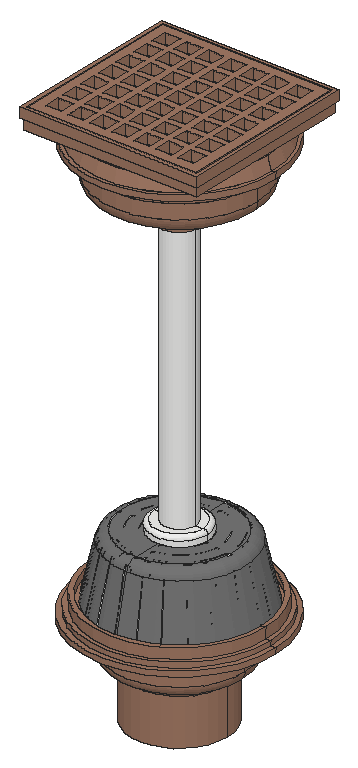
Revit family "Roof_Drain-Jay R. Smith-Round_Type-1920_Series", category Plumbing Fixtures, Revit 2021
Family settings
  Round Connector Dimension = Use Diameter
  Part Type = Normal
  OmniClass Number = 23.70.50.21.24.11
  OmniClass Title = Roof Waste Water Drains
  Work Plane-Based = Yes
  Always vertical = Yes
  Cut with Voids When Loaded = No
  Shared = No
  Room Calculation Point = No
Parameters (values of type "1920T06")
  Waste Connection = yes
  Vent Connection = no
  Upper Drain As Specified = no
  URL = "http://www.jrsmith.com"
  U - Vandal Proof Dome = no
  T - Threaded Outlet = yes
  Standpipe Material = PVC-Jay R Smith-Perforated
  Stainless Steel Mesh Screen Over Perforated Standpipe = no
  SSP4 - 4" Dia. Stainless Steel Standpipe = no
  SSP - Stainless Steel Standpipe = no
  R - Sump Receiver = no
  PB - Polished Bronze Top = no
  NB - Nickel Bronze Top = no
  Model = "1920T06"
  Mesh Material = Stainless Steel-Jay R Smith-Mesh
  Material = "Cast Iron-Jay R Smith-Duco Coated"
  Manufacturer = "Jay R. Smith Mfg. Co. "  # constant formula
  M - Ductile Iron Grate = no
  LXH - Speedi-Set Extra Heavy - 02"(50), 03"(75) & 04"(100) sizes only = no
  L - Speedi-Set Service Weight - 02"(50), 03"(75) & 04"(100) sizes only = no
  Installation Type = "Roof Mounted"  # constant formula
  HW Connection = no
  G - Galvanized Cast Iron = no
  Finish = Cast Iron-Jay R Smith-Duco Coated
  Dome Height = 4 1/2"  # constant formula
  Diameter = 12"  # constant formula
  Description = "Plaza and Planter Drain"  # constant formula
  Default Elevation = 0"  # constant formula
  Creation Date = "03/20/2024"  # constant formula
  Connection Size = 6"
  Connection Radius = Connection Size / 2  # 3"
  Connection Outlet Description = "6\" Threaded Outlet Connection"
  CW Connection = no
  C2 - Secondary Flashing Clamp = no
  C - Underdeck Clamp = no
  B Dimension = 4 3/4"
  Assembly Code = "D2040200"
Types (15): name | T - Threaded Outlet | Model | Connection Size | Connection Radius | Connection Outlet Description | B Dimension
  1920Y02 | no | "1920Y02" | 2" | 1" | "2\" No-HUB Outlet Connection" | 6"
  1920Y03 | no | "1920Y03" | 3" | 1 1/2" | "3\" No-HUB Outlet Connection" | 6"
  1920Y04 | no | "1920Y04" | 4" | 2" | "4\" No-HUB Outlet Connection" | 6"
  1920Y05 | no | "1920Y05" | 5" | 2 1/2" | "5\" No-HUB Outlet Connection" | 6"
  1920Y06 | no | "1920Y06" | 6" | 3" | "6\" No-HUB Outlet Connection" | 6"
  1920C02 | no | "1920C02" | 2" | 1" | "2\" Caulk Outlet Connection" | 6"
  1920C03 | no | "1920C03" | 3" | 1 1/2" | "3\" Caulk Outlet Connection" | 6"
  1920C04 | no | "1920C04" | 4" | 2" | "4\" Caulk Outlet Connection" | 6"
  1920C05 | no | "1920C05" | 5" | 2 1/2" | "5\" Caulk Outlet Connection" | 6"
  1920C06 | no | "1920C06" | 6" | 3" | "6\" Caulk Outlet Connection" | 6"
  1920T02 | yes | "1920T02" | 2" | 1" | "2\" Threaded Outlet Connection" | 4 3/4"
  1920T03 | yes | "1920T03" | 3" | 1 1/2" | "3\" Threaded Outlet Connection" | 4 3/4"
  1920T04 | yes | "1920T04" | 4" | 2" | "4\" Threaded Outlet Connection" | 4 3/4"
  1920T05 | yes | "1920T05" | 5" | 2 1/2" | "5\" Threaded Outlet Connection" | 4 3/4"
  1920T06 | yes | "1920T06" | 6" | 3" | "6\" Threaded Outlet Connection" | 4 3/4"
Reference planes (in)
  plane 1: z = 0
  plane 2: y = 0
  plane 3: x = 0
  plane 4: z = 4.5
  plane 5: z = -6
  plane 6: z = 28.5
  plane 7: z = 21.75
  plane 8: x = -6
  plane 9: x = 6
  plane 10: x = -4.875
  plane 11: x = 4.875
  plane 12: z = 26.5
  plane 13: x = -5.5
  plane 14: x = 5.5
  plane 15: y = 5.5
  plane 16: y = -5.5
  plane 17: x = -5.25
  plane 18: x = 5.25
  plane 19: y = 5.25
  plane 20: y = -5.25
Forms (in)
  Revolve 1, solid, material "Cast Iron-Jay R Smith-Duco Coated" <- "Finish"
    sketch origin (-0.00719, 0, -13.75143) x (1, 0, 0) y (0, 0, 1)
      loop
        arc (2.87012, 10.64075) -> (3.04919, 10.71492) -> (3.12336, 10.89399) r 0.25324
        line (3.12336, 10.89399) -> (3.12336, 10.9462)
        arc (3.12336, 10.9462) -> (3.16789, 11.05371) -> (3.27541, 11.09825) r 0.15205
        line (3.27541, 11.09825) -> (3.31676, 11.09825)
        arc (3.31676, 11.09825) -> (3.85258, 11.25183) -> (4.08523, 11.75836) r 0.66775
        line (4.08523, 11.75836) -> (4.08523, 12.76636) -> (6.00719, 13.42193) -> (6.00719, 13.75143) -> (5.69577, 13.75143) -> (5.69577, 14.05626) -> (5.41344, 14.05626) -> (5.41344, 14.71046) -> (5.13283, 14.71046) -> (5.13283, 14.33802) -> (4.67695, 14.33802) -> (4.67695, 13.75143) -> (0.00719, 13.75143) -> (0.00719, 10.64075) -> (2.87012, 10.64075)
      axis (0, 10.64075) -> (0, 14.71046)
    angle from 0 to 360
  Revolve 2, solid, material "Cast Iron-Jay R Smith-Duco Coated" <- "Finish"
    sketch origin (-8.0697, 0, 0) x (-1, 0, 0) y (0, 0, -1)
      loop
        line (-8.0697, 6) -> (-11.0697, 6) -> (-11.0697, 0) -> (-8.0697, 0) -> (-8.0697, 6)
      axis (-8.0697, 0) -> (-8.0697, 6)
    angle from 0 to 360
  Revolve 3, solid, material "PVC-Jay R Smith-Perforated" <- "Standpipe Material"
    sketch origin (-8.86669, 0, 0) x (1, 0, 0) y (0, 0, 1)
      loop
        line (8.11669, 4.5) -> (8.11669, 21.75) -> (7.86669, 21.75) -> (7.86669, 5.08347) -> (7.36669, 5.08347)
        arc (7.36669, 5.08347) -> (7.18992, 5.01025) -> (7.11669, 4.83347) r 0.25
        line (7.11669, 4.83347) -> (7.11669, 4.5) -> (8.11669, 4.5)
      axis (8.86669, 21.75) -> (8.86669, 4.5)
    angle from 0 to 360
  Revolve 4, solid, material "Cast Iron-Jay R Smith-Duco Coated" <- "Finish"
    sketch origin (-14.33403, 0, 0) x (1, 0, 0) y (0, 0, 1)
      loop
        line (19.83403, 27.25) -> (19.58403, 27.25) -> (19.58403, 26.5) -> (14.33403, 26.5) -> (14.33403, 23.25) -> (17.83403, 23.25)
        arc (17.83403, 23.25) -> (18.08403, 23.35355) -> (18.18758, 23.60355) r 0.35355
        arc (18.18758, 23.60355) -> (18.89892, 23.80033) -> (19.20903, 24.47007) r 0.87827
        line (19.20903, 24.47007) -> (19.20903, 25.36997)
        arc (19.20903, 25.36997) -> (19.29945, 25.65676) -> (19.53802, 25.83981) r 0.5
        line (19.53802, 25.83981) -> (20.33403, 26.12954) -> (20.33403, 26.5) -> (20.10701, 26.5) -> (19.83403, 27.25)
      axis (14.33403, 27.25) -> (14.33403, 23.25)
    angle from 0 to 360
  Revolve 5, solid, material "Cast Iron-Jay R Smith-Duco Coated" <- "Finish"
    sketch origin (-14.33403, 0, 0) x (1, 0, 0) y (0, 0, 1)
      loop
        line (14.33403, 26.5) -> (13.08403, 26.5) -> (13.08403, 21.75) -> (14.33403, 21.75) -> (14.33403, 26.5)
      axis (14.33403, 26.5) -> (14.33403, 21.75)
    angle from 0 to 360
  Sweep 6, solid, material "Cast Iron-Jay R Smith-Duco Coated" <- "Finish"
    path origin (0, 0, 0) x (1, 0, 0) y (0, 1, 0)
      loop
        line (-5.5, -5.5) -> (5.5, -5.5) -> (5.5, 5.5) -> (-5.5, 5.5) -> (-5.5, -5.5)
    profile origin (-5.5, 0, 0) x (-1, 0, 0) y (0, 0, 1)
      loop
        line (0, 28.5) -> (-0.25, 28.5) -> (-0.25, 27.875) -> (-2.5, 27.875) -> (-2.5, 27.25) -> (-0.125, 27.25) -> (-0.125, 27.875) -> (0, 27.875) -> (0, 28.5)
  Extrusion 7, solid, material "Cast Iron-Jay R Smith-Duco Coated" <- "Finish"
    sketch origin (0, 0, 0) x (1, 0, 0) y (0, 1, 0)
      loop
        line (-5.25, 5.25) -> (-5.25, -5.25) -> (5.25, -5.25) -> (5.25, 5.25) -> (-5.25, 5.25)
      loop
        line (-4.625, 4.625) -> (-4.625, 3.625) -> (-3.625, 3.625) -> (-3.625, 4.625) -> (-4.625, 4.625)
      loop
        line (-3.25, 4.625) -> (-3.25, 3.625) -> (-2.25, 3.625) -> (-2.25, 4.625) -> (-3.25, 4.625)
      loop
        line (-1.875, 4.625) -> (-1.875, 3.625) -> (-0.875, 3.625) -> (-0.875, 4.625) -> (-1.875, 4.625)
      loop
        line (-0.5, 4.625) -> (-0.5, 3.625) -> (0.5, 3.625) -> (0.5, 4.625) -> (-0.5, 4.625)
      loop
        line (0.875, 4.625) -> (0.875, 3.625) -> (1.875, 3.625) -> (1.875, 4.625) -> (0.875, 4.625)
      loop
        line (2.25, 4.625) -> (2.25, 3.625) -> (3.25, 3.625) -> (3.25, 4.625) -> (2.25, 4.625)
      loop
        line (3.625, 4.625) -> (3.625, 3.625) -> (4.625, 3.625) -> (4.625, 4.625) -> (3.625, 4.625)
      loop
        line (-4.625, 3.25) -> (-4.625, 2.25) -> (-3.625, 2.25) -> (-3.625, 3.25) -> (-4.625, 3.25)
      loop
        line (-3.25, 3.25) -> (-3.25, 2.25) -> (-2.25, 2.25) -> (-2.25, 3.25) -> (-3.25, 3.25)
      loop
        line (-1.875, 3.25) -> (-1.875, 2.25) -> (-0.875, 2.25) -> (-0.875, 3.25) -> (-1.875, 3.25)
      loop
        line (-0.5, 3.25) -> (-0.5, 2.25) -> (0.5, 2.25) -> (0.5, 3.25) -> (-0.5, 3.25)
      loop
        line (0.875, 3.25) -> (0.875, 2.25) -> (1.875, 2.25) -> (1.875, 3.25) -> (0.875, 3.25)
      loop
        line (2.25, 3.25) -> (2.25, 2.25) -> (3.25, 2.25) -> (3.25, 3.25) -> (2.25, 3.25)
      loop
        line (3.625, 3.25) -> (3.625, 2.25) -> (4.625, 2.25) -> (4.625, 3.25) -> (3.625, 3.25)
      loop
        line (-4.625, 1.875) -> (-4.625, 0.875) -> (-3.625, 0.875) -> (-3.625, 1.875) -> (-4.625, 1.875)
      loop
        line (-3.25, 1.875) -> (-3.25, 0.875) -> (-2.25, 0.875) -> (-2.25, 1.875) -> (-3.25, 1.875)
      loop
        line (-1.875, 1.875) -> (-1.875, 0.875) -> (-0.875, 0.875) -> (-0.875, 1.875) -> (-1.875, 1.875)
      loop
        line (-0.5, 1.875) -> (-0.5, 0.875) -> (0.5, 0.875) -> (0.5, 1.875) -> (-0.5, 1.875)
      loop
        line (0.875, 1.875) -> (0.875, 0.875) -> (1.875, 0.875) -> (1.875, 1.875) -> (0.875, 1.875)
      loop
        line (2.25, 1.875) -> (2.25, 0.875) -> (3.25, 0.875) -> (3.25, 1.875) -> (2.25, 1.875)
      loop
        line (3.625, 1.875) -> (3.625, 0.875) -> (4.625, 0.875) -> (4.625, 1.875) -> (3.625, 1.875)
      loop
        line (-4.625, 0.5) -> (-4.625, -0.5) -> (-3.625, -0.5) -> (-3.625, 0.5) -> (-4.625, 0.5)
      loop
        line (-3.25, 0.5) -> (-3.25, -0.5) -> (-2.25, -0.5) -> (-2.25, 0.5) -> (-3.25, 0.5)
      loop
        line (-1.875, 0.5) -> (-1.875, -0.5) -> (-0.875, -0.5) -> (-0.875, 0.5) -> (-1.875, 0.5)
      loop
        line (-0.5, 0.5) -> (-0.5, -0.5) -> (0.5, -0.5) -> (0.5, 0.5) -> (-0.5, 0.5)
      loop
        line (0.875, 0.5) -> (0.875, -0.5) -> (1.875, -0.5) -> (1.875, 0.5) -> (0.875, 0.5)
      loop
        line (2.25, 0.5) -> (2.25, -0.5) -> (3.25, -0.5) -> (3.25, 0.5) -> (2.25, 0.5)
      loop
        line (3.625, 0.5) -> (3.625, -0.5) -> (4.625, -0.5) -> (4.625, 0.5) -> (3.625, 0.5)
      loop
        line (-4.625, -4.625) -> (-3.625, -4.625) -> (-3.625, -3.625) -> (-4.625, -3.625) -> (-4.625, -4.625)
      loop
        line (-3.25, -4.625) -> (-2.25, -4.625) -> (-2.25, -3.625) -> (-3.25, -3.625) -> (-3.25, -4.625)
      loop
        line (-1.875, -4.625) -> (-0.875, -4.625) -> (-0.875, -3.625) -> (-1.875, -3.625) -> (-1.875, -4.625)
      loop
        line (-0.5, -4.625) -> (0.5, -4.625) -> (0.5, -3.625) -> (-0.5, -3.625) -> (-0.5, -4.625)
      loop
        line (0.875, -4.625) -> (1.875, -4.625) -> (1.875, -3.625) -> (0.875, -3.625) -> (0.875, -4.625)
      loop
        line (2.25, -4.625) -> (3.25, -4.625) -> (3.25, -3.625) -> (2.25, -3.625) -> (2.25, -4.625)
      loop
        line (3.625, -4.625) -> (4.625, -4.625) -> (4.625, -3.625) -> (3.625, -3.625) -> (3.625, -4.625)
      loop
        line (-4.625, -3.25) -> (-3.625, -3.25) -> (-3.625, -2.25) -> (-4.625, -2.25) -> (-4.625, -3.25)
      loop
        line (-3.25, -3.25) -> (-2.25, -3.25) -> (-2.25, -2.25) -> (-3.25, -2.25) -> (-3.25, -3.25)
      loop
        line (-1.875, -3.25) -> (-0.875, -3.25) -> (-0.875, -2.25) -> (-1.875, -2.25) -> (-1.875, -3.25)
      loop
        line (-0.5, -3.25) -> (0.5, -3.25) -> (0.5, -2.25) -> (-0.5, -2.25) -> (-0.5, -3.25)
      loop
        line (0.875, -3.25) -> (1.875, -3.25) -> (1.875, -2.25) -> (0.875, -2.25) -> (0.875, -3.25)
      loop
        line (2.25, -3.25) -> (3.25, -3.25) -> (3.25, -2.25) -> (2.25, -2.25) -> (2.25, -3.25)
      loop
        line (3.625, -3.25) -> (4.625, -3.25) -> (4.625, -2.25) -> (3.625, -2.25) -> (3.625, -3.25)
      loop
        line (-4.625, -1.875) -> (-3.625, -1.875) -> (-3.625, -0.875) -> (-4.625, -0.875) -> (-4.625, -1.875)
      loop
        line (-3.25, -1.875) -> (-2.25, -1.875) -> (-2.25, -0.875) -> (-3.25, -0.875) -> (-3.25, -1.875)
      loop
        line (-1.875, -1.875) -> (-0.875, -1.875) -> (-0.875, -0.875) -> (-1.875, -0.875) -> (-1.875, -1.875)
      loop
        line (-0.5, -1.875) -> (0.5, -1.875) -> (0.5, -0.875) -> (-0.5, -0.875) -> (-0.5, -1.875)
      loop
        line (0.875, -1.875) -> (1.875, -1.875) -> (1.875, -0.875) -> (0.875, -0.875) -> (0.875, -1.875)
      loop
        line (2.25, -1.875) -> (3.25, -1.875) -> (3.25, -0.875) -> (2.25, -0.875) -> (2.25, -1.875)
      loop
        line (3.625, -1.875) -> (4.625, -1.875) -> (4.625, -0.875) -> (3.625, -0.875) -> (3.625, -1.875)
    from 27.875 to 28.5
Cuts and joins
  joined: Revolve 4, Revolve 5
Dimensions and locks (in)
  locked: plane 4 to level at 4.5
  level to plane 5 = 6"
  locked: plane 6 to plane 4 at 24
  "Diameter": plane 9 to plane 8
  locked: plane 11 to plane 10 at 9.75
  "Connection Radius": Revolve 2 sketch curve to Revolve 2 sketch curve
  locked: Revolve 3 sketch curve to Revolve 3 sketch curve at 0.25
  locked: Revolve 3 sketch curve to plane 3 at 1
  locked: plane 6 to plane 12 at 2
  "B Dimension": plane 12 to plane 7
  locked: Revolve 5 sketch curve to plane 3 at 1.25
  locked: plane 16 to plane 15 at 11
  locked: plane 13 to plane 14 at 11
  plane 17 to plane 18 = 10 1/2"
  plane 19 to plane 20 = 10 1/2"
  plane 9 to plane 8 = 12"
  plane 14 to plane 13 = 11"
  locked: plane 18 to plane 17 at 10.5
  equal spacing: plane 6, Sweep 6 sketch curve, Sweep 6 sketch curve
  equal spacing: plane 17, Sweep 6 sketch curve, plane 13
  locked: plane 12 to Revolve 4 sketch curve at 3.25
  aligned and locked: plane 3 to Revolve 2 sketch curve  (x2)
  aligned and locked: Revolve 2 sketch curve to plane 5
  aligned and locked: level to Revolve 2 sketch curve
  aligned and locked: plane 3 to Revolve 3 sketch curve
  aligned and locked: plane 7 to Revolve 3 sketch curve
  aligned and locked: plane 4 to Revolve 3 sketch curve
  aligned and locked: plane 3 to Revolve 4 sketch curve  (x2)
  aligned and locked: plane 11 to Revolve 4 sketch curve
  aligned and locked: plane 9 to Revolve 4 sketch curve
  aligned and locked: Revolve 4 sketch curve to plane 12
  aligned and locked: plane 3 to Revolve 5 sketch curve
  aligned and locked: Revolve 5 sketch curve to plane 7
  aligned and locked: plane 12 to Revolve 5 sketch curve
  aligned and locked: plane 13 to Sweep 6 sketch curve
  aligned and locked: Sweep 6 sketch curve to plane 16
  aligned and locked: plane 14 to Sweep 6 sketch curve
  aligned and locked: Sweep 6 sketch curve to plane 15
  aligned and locked: Sweep 6 sketch curve to plane 6
  aligned and locked: Sweep 6 sketch curve to Revolve 4
  aligned and locked: plane 17 to Sweep 6 sketch curve
  aligned and locked: Extrusion 7 sketch curve to Sweep 6  (x4)
  aligned and locked: plane 6 to Extrusion 7
  aligned and locked: Sweep 6 to Extrusion 7
  aligned and locked: plane 12 to Revolve 4 sketch curve
Automatic sketch dimensions
  Revolve 1 sketch curve to level = 0"  (x2)
  plane 3 to Revolve 1 sketch curve = 0"
  plane 9 to Revolve 1 sketch curve = 0"
  plane 11 to Revolve 1 sketch curve = 2.01207"
  Revolve 1 sketch curve to Revolve 1 sketch curve = 0.25324"
  Revolve 1 sketch curve to Revolve 1 sketch curve = 0.15205"
  Revolve 1 sketch curve to Revolve 1 sketch curve = 0.04135"
  Revolve 1 sketch curve to Revolve 1 sketch curve = 0.10072"
  plane 11 to Revolve 1 sketch curve = 0.79696"
  plane 11 to Revolve 1 sketch curve = 0.20524"
  Revolve 1 sketch curve to plane 11 = 0.25064"
  Revolve 1 sketch curve to Revolve 1 sketch curve = 0.28061"
  plane 9 to Revolve 1 sketch curve = 0.31142"
  Revolve 1 sketch curve to Revolve 1 sketch curve = 0.3295"
  Revolve 1 sketch curve to level = 0.98506"
  Revolve 1 sketch curve to Revolve 1 sketch curve = 1.008"
  Revolve 1 sketch curve to Revolve 1 sketch curve = 0.05221"
  level to Revolve 1 sketch curve = 0.30483"
  Revolve 1 sketch curve to Revolve 1 sketch curve = 0.28176"
  Revolve 1 sketch curve to Revolve 1 sketch curve = 0.37244"
  plane 3 to Revolve 1 sketch curve = 0.00719"
  Revolve 1 sketch curve to Revolve 1 sketch curve = 1.18736"
  Revolve 1 sketch curve to plane 5 = 4.32418"
  Revolve 3 sketch curve to Revolve 3 sketch curve = 1/2"
  Revolve 3 sketch curve to Revolve 3 sketch curve = 1/4"
  plane 4 to Revolve 3 sketch curve = 0.33347"
  Revolve 3 sketch curve to Revolve 3 sketch curve = 3.41653"
  Revolve 3 sketch curve to plane 7 = 5 1/4"
  Revolve 5 sketch curve to Revolve 5 sketch curve = 0"
  Revolve 5 sketch curve to Revolve 5 sketch curve = 1 3/4"  (x2)
  plane 18 to Revolve 4 sketch curve = 0"
  Revolve 4 sketch curve to plane 7 = 0"
  plane 11 to Revolve 4 sketch curve = 0.87827"
  plane 18 to Revolve 4 sketch curve = 0.04601"
  plane 9 to Revolve 4 sketch curve = 0.22702"
  Revolve 4 sketch curve to Revolve 4 sketch curve = 3/4"
  plane 6 to Revolve 4 sketch curve = 15"
  plane 14 to Revolve 4 sketch curve = 0"
  plane 10 to Extrusion 7 sketch curve = 1/4"  (x7)
  Extrusion 7 sketch curve to plane 2 = 1/2"
  Extrusion 7 sketch curve to Extrusion 7 sketch curve = 1"  (x21)
  Extrusion 7 sketch curve to Extrusion 7 sketch curve = 0"  (x85)
  Extrusion 7 sketch curve to Extrusion 7 sketch curve = 3/8"  (x61)
  plane 3 to Extrusion 7 sketch curve = 7/8"  (x4)
  Extrusion 7 sketch curve to plane 3 = 1/2"  (x3)
  plane 11 to Extrusion 7 sketch curve = 1/4"  (x7)
  Extrusion 7 sketch curve to plane 20 = 5/8"  (x2)
  Extrusion 7 sketch curve to plane 2 = 7/8"
  plane 2 to Extrusion 7 sketch curve = 1/2"  (x3)
  Extrusion 7 sketch curve to plane 19 = 5/8"
  Sweep 6 sketch curve to profile plane = 0"
  Sweep 6 sketch curve to Sweep 6 sketch curve = 2 1/4"
  Sweep 6 sketch curve to Sweep 6 sketch curve = 5/8"
  Revolve 4 sketch curve to Revolve 4 sketch curve = 0.49673"
  plane 14 to Revolve 4 sketch curve = 1/8"
  Revolve 4 sketch curve to Revolve 4 sketch curve = 0.35355"
  Revolve 4 sketch curve to Revolve 4 sketch curve = 0.8999"
  Revolve 4 sketch curve to Revolve 4 sketch curve = 0.37046"
  Revolve 2 sketch curve to plane 7 = 5 1/4"
  Revolve 2 sketch curve to plane 5 = 4.64255"
Nested families (in)
  nested 1: "DOME" at (0.04971, 0, 0) x (0, 1, 0) z (0, 0, 1), type "Dome"
  nested 2: "DOME-1" at (0.04883, 0, 0.00195) x (0, 1, 0) z (0, 0, 1), type "Dome"
Connectors (in)
  piping at (0, 0, -6), diameter 6, driven by "Connection Size", driven by "Connection Outlet Description"
    settings: on Revolve 2, index 1, connector inside diameter 24", connector length 0", flow factor 0, pipe flow 0 GPM, pressure drop 0.00 psi, fitting loss kfactor 0, connector angle 0.00°, fixture units 0, engagement length 0", angle of deflection 0.00°, flow configuration 0, flow direction 2, fitting loss method 0, system type 16, joint type 0, gender type 0, connector reference index -1, connector utility 0, adjustable connector no, is connector primary yes, connector description "6\" Threaded Outlet Connection"
Definition of nested family "DOME"
  Parameters (values of type "Dome")
    Waste Connection = yes
    WFU = 0
    Vent Connection = no
    URL = ""
    Model = "Dome"
    Manufacturer = ""
    HW Connection = no
    Finish = none
    Description = ""
    Default Elevation = 0"
    Connection Radius = 2"
    CW Connection = no
  Reference planes (in)
    plane 1 "Center (Front/Back)": y = 0
    plane 2: z = 0
    plane 3 "Center (Left/Right)": x = 0
    plane 4: through (1.15564, -4.31289, 48) normal (0.9659, 0.2588, 0)
    plane 5: through (-1.15564, -4.31289, 48) normal (0.9659, -0.2588, 0)
    plane 6: through (-1.15564, -4.31289, 48) normal (0.9659, -0.2588, 0)
    plane 7: through (1.15564, 4.31289, 48) normal (-0.9659, 0.2588, 0)
    plane 8: through (-1.15564, 4.31289, 48) normal (-0.9659, -0.2588, 0)
    plane 9: through (2.23252, -3.86683, 48) normal (0.866, 0.5, 0)
    plane 10: through (2.23252, 3.86683, 48) normal (-0.866, 0.5, 0)
    plane 11: through (-3.15726, 3.15726, 48) normal (-0.7071, -0.7071, 0)
    plane 12: through (3.15726, 3.15726, 48) normal (-0.7071, 0.7071, 0)
    plane 13: through (-4.31289, 1.15564, 48) normal (-0.2588, -0.9659, 0)
    plane 14: through (3.86683, -2.23252, 48) normal (0.5, 0.866, 0)
    plane 15: through (4.31289, 1.15564, 48) normal (-0.2588, 0.9659, 0)
    plane 16: through (-3.86683, -2.23252, 48) normal (0.5, -0.866, 0)
    plane 17: through (0, 0, 48) normal (0.9914, 0.1305, 0)
    plane 18: z = 4.5
    plane 19: z = 5.66494
  Forms (in)
    Extrusion 1, solid
      sketch origin (0, 0, 0) x (1, 0, 0) y (0, 1, 0)
        loop
          line (-48, 48) -> (-48, -48) -> (48, -48) -> (48, 48) -> (-48, 48)
      from 0 to -12
    Revolve 2, solid
      sketch origin (0, 0, 6.20508) x (1, 0, 0) y (0, 0, 1)
        loop
          line (4.96005, -6.20508) -> (5.05669, -6.20508) -> (4.14071, -2.23754)
          arc (4.14071, -2.23754) -> (3.891, -1.84178) -> (3.44921, -1.6875) r 0.70968
          line (3.44921, -1.6875) -> (0, -1.6875) -> (0, -1.80663) -> (3.29898, -1.80663)
          arc (3.29898, -1.80663) -> (3.80423, -1.98308) -> (4.08981, -2.43569) r 0.81164
          line (4.08981, -2.43569) -> (4.96005, -6.20508)
        axis (0, -1.6875) -> (0, -6.20508)
      angle from 0 to 360
  Dimensions and locks (in)
    plane 18 to Extrusion 1 = 4 1/2"
    radius of Revolve 2 sketch curve = 0.81164"
    radius of Revolve 2 sketch curve = 0.70968"
    aligned and locked: plane 2 to Extrusion 1
    aligned and locked: level to Extrusion 1
Definition of nested family "DOME-1"
  Parameters (values of type "Dome")
    Waste Connection = yes
    WFU = 0
    Vent Connection = no
    URL = ""
    Model = "Dome"
    Manufacturer = ""
    HW Connection = no
    Finish = none
    Description = ""
    Default Elevation = 0"
    Connection Radius = 2"
    CW Connection = no
  Reference planes (in)
    plane 1 "Center (Front/Back)": y = 0
    plane 2: z = 0
    plane 3 "Center (Left/Right)": x = 0
    plane 4: through (1.15564, -4.31289, 48) normal (0.9659, 0.2588, 0)
    plane 5: through (-1.15564, -4.31289, 48) normal (0.9659, -0.2588, 0)
    plane 6: through (-1.15564, -4.31289, 48) normal (0.9659, -0.2588, 0)
    plane 7: through (1.15564, 4.31289, 48) normal (-0.9659, 0.2588, 0)
    plane 8: through (-1.15564, 4.31289, 48) normal (-0.9659, -0.2588, 0)
    plane 9: through (2.23252, -3.86683, 48) normal (0.866, 0.5, 0)
    plane 10: through (2.23252, 3.86683, 48) normal (-0.866, 0.5, 0)
    plane 11: through (-3.15726, 3.15726, 48) normal (-0.7071, -0.7071, 0)
    plane 12: through (3.15726, 3.15726, 48) normal (-0.7071, 0.7071, 0)
    plane 13: through (-4.31289, 1.15564, 48) normal (-0.2588, -0.9659, 0)
    plane 14: through (3.86683, -2.23252, 48) normal (0.5, 0.866, 0)
    plane 15: through (4.31289, 1.15564, 48) normal (-0.2588, 0.9659, 0)
    plane 16: through (-3.86683, -2.23252, 48) normal (0.5, -0.866, 0)
    plane 17: through (0, 0, 48) normal (0.9914, 0.1305, 0)
    plane 18: z = 4.5
    plane 19: z = 5.66494
  Forms (in)
    Extrusion 1, solid
      sketch origin (0, 0, 0) x (1, 0, 0) y (0, 1, 0)
        loop
          line (-48, 48) -> (-48, -48) -> (48, -48) -> (48, 48) -> (-48, 48)
      from 0 to -12
    Extrusion 2, void
      sketch origin (0, 0, 5.875) x (1, 0, 0) y (0, 1, 0)
        loop
          arc (0.44843, -2.71319) -> (1.94454, -1.94454) -> (2.71319, -0.44843) r 2.75
          arc (2.71319, -0.44843) -> (2.60981, -0.30738) -> (2.46654, -0.40766) r 0.12503
          arc (2.46654, -0.40766) -> (1.76777, -1.76777) -> (0.40766, -2.46654) r 2.5
          arc (0.40766, -2.46654) -> (0.30738, -2.60981) -> (0.44843, -2.71319) r 0.12503
        loop
          arc (0.329, -1.97275) -> (1.41421, -1.41421) -> (1.97275, -0.329) r 2
          arc (1.97275, -0.329) -> (1.87186, -0.18543) -> (1.72678, -0.28413) r 0.12503
          arc (1.72678, -0.28413) -> (1.23744, -1.23744) -> (0.28413, -1.72678) r 1.75
          arc (0.28413, -1.72678) -> (0.18543, -1.87186) -> (0.329, -1.97275) r 0.12503
        loop
          arc (0.20562, -1.23297) -> (0.88388, -0.88388) -> (1.23297, -0.20562) r 1.25
          arc (1.23297, -0.20562) -> (1.12842, -0.06144) -> (0.98577, -0.16809) r 0.12503
          arc (0.98577, -0.16809) -> (0.70453, -0.70968) -> (0.16091, -0.98697) r 1
          arc (0.16091, -0.98697) -> (0.06204, -1.132) -> (0.20562, -1.23297) r 0.12503
        loop
          arc (0.57072, -3.45315) -> (2.47487, -2.47487) -> (3.45315, -0.57072) r 3.5
          arc (3.45315, -0.57072) -> (3.34977, -0.42968) -> (3.2065, -0.52996) r 0.12503
          arc (3.2065, -0.52996) -> (2.2981, -2.2981) -> (0.52996, -3.2065) r 3.25
          arc (0.52996, -3.2065) -> (0.42968, -3.34977) -> (0.57072, -3.45315) r 0.12503
        loop
          arc (0.44843, 2.71319) -> (0.30738, 2.60981) -> (0.40766, 2.46654) r 0.12503
          arc (0.40766, 2.46654) -> (1.76777, 1.76777) -> (2.46654, 0.40766) r 2.5
          arc (2.46654, 0.40766) -> (2.60981, 0.30738) -> (2.71319, 0.44843) r 0.12503
          arc (2.71319, 0.44843) -> (1.94454, 1.94454) -> (0.44843, 2.71319) r 2.75
        loop
          arc (0.329, 1.97275) -> (0.18543, 1.87186) -> (0.28413, 1.72678) r 0.12503
          arc (0.28413, 1.72678) -> (1.23744, 1.23744) -> (1.72678, 0.28413) r 1.75
          arc (1.72678, 0.28413) -> (1.87186, 0.18543) -> (1.97275, 0.329) r 0.12503
          arc (1.97275, 0.329) -> (1.41421, 1.41421) -> (0.329, 1.97275) r 2
        loop
          arc (0.20562, 1.23297) -> (0.06204, 1.132) -> (0.16091, 0.98697) r 0.12503
          arc (0.16091, 0.98697) -> (0.70453, 0.70968) -> (0.98577, 0.16809) r 1
          arc (0.98577, 0.16809) -> (1.12842, 0.06144) -> (1.23297, 0.20562) r 0.12503
          arc (1.23297, 0.20562) -> (0.88388, 0.88388) -> (0.20562, 1.23297) r 1.25
        loop
          arc (0.57072, 3.45315) -> (0.42968, 3.34977) -> (0.52996, 3.2065) r 0.12503
          arc (0.52996, 3.2065) -> (2.2981, 2.2981) -> (3.2065, 0.52996) r 3.25
          arc (3.2065, 0.52996) -> (3.34977, 0.42968) -> (3.45315, 0.57072) r 0.12503
          arc (3.45315, 0.57072) -> (2.47487, 2.47487) -> (0.57072, 3.45315) r 3.5
        loop
          arc (-0.44843, -2.71319) -> (-0.30738, -2.60981) -> (-0.40766, -2.46654) r 0.12503
          arc (-0.40766, -2.46654) -> (-1.76777, -1.76777) -> (-2.46654, -0.40766) r 2.5
          arc (-2.46654, -0.40766) -> (-2.60981, -0.30738) -> (-2.71319, -0.44843) r 0.12503
          arc (-2.71319, -0.44843) -> (-1.94454, -1.94454) -> (-0.44843, -2.71319) r 2.75
        loop
          arc (-0.329, -1.97275) -> (-0.18543, -1.87186) -> (-0.28413, -1.72678) r 0.12503
          arc (-0.28413, -1.72678) -> (-1.23744, -1.23744) -> (-1.72678, -0.28413) r 1.75
          arc (-1.72678, -0.28413) -> (-1.87186, -0.18543) -> (-1.97275, -0.329) r 0.12503
          arc (-1.97275, -0.329) -> (-1.41421, -1.41421) -> (-0.329, -1.97275) r 2
        loop
          arc (-0.20562, -1.23297) -> (-0.06204, -1.132) -> (-0.16091, -0.98697) r 0.12503
          arc (-0.16091, -0.98697) -> (-0.70453, -0.70968) -> (-0.98577, -0.16809) r 1
          arc (-0.98577, -0.16809) -> (-1.12842, -0.06144) -> (-1.23297, -0.20562) r 0.12503
          arc (-1.23297, -0.20562) -> (-0.88388, -0.88388) -> (-0.20562, -1.23297) r 1.25
        loop
          arc (-0.57072, -3.45315) -> (-0.42968, -3.34977) -> (-0.52996, -3.2065) r 0.12503
          arc (-0.52996, -3.2065) -> (-2.2981, -2.2981) -> (-3.2065, -0.52996) r 3.25
          arc (-3.2065, -0.52996) -> (-3.34977, -0.42968) -> (-3.45315, -0.57072) r 0.12503
          arc (-3.45315, -0.57072) -> (-2.47487, -2.47487) -> (-0.57072, -3.45315) r 3.5
        loop
          arc (-0.44843, 2.71319) -> (-1.94454, 1.94454) -> (-2.71319, 0.44843) r 2.75
          arc (-2.71319, 0.44843) -> (-2.60981, 0.30738) -> (-2.46654, 0.40766) r 0.12503
          arc (-2.46654, 0.40766) -> (-1.76777, 1.76777) -> (-0.40766, 2.46654) r 2.5
          arc (-0.40766, 2.46654) -> (-0.30738, 2.60981) -> (-0.44843, 2.71319) r 0.12503
        loop
          arc (-0.329, 1.97275) -> (-1.41421, 1.41421) -> (-1.97275, 0.329) r 2
          arc (-1.97275, 0.329) -> (-1.87186, 0.18543) -> (-1.72678, 0.28413) r 0.12503
          arc (-1.72678, 0.28413) -> (-1.23744, 1.23744) -> (-0.28413, 1.72678) r 1.75
          arc (-0.28413, 1.72678) -> (-0.18543, 1.87186) -> (-0.329, 1.97275) r 0.12503
        loop
          arc (-0.20562, 1.23297) -> (-0.88388, 0.88388) -> (-1.23297, 0.20562) r 1.25
          arc (-1.23297, 0.20562) -> (-1.12842, 0.06144) -> (-0.98577, 0.16809) r 0.12503
          arc (-0.98577, 0.16809) -> (-0.70453, 0.70968) -> (-0.16091, 0.98697) r 1
          arc (-0.16091, 0.98697) -> (-0.06204, 1.132) -> (-0.20562, 1.23297) r 0.12503
        loop
          arc (-0.57072, 3.45315) -> (-2.47487, 2.47487) -> (-3.45315, 0.57072) r 3.5
          arc (-3.45315, 0.57072) -> (-3.34977, 0.42968) -> (-3.2065, 0.52996) r 0.12503
          arc (-3.2065, 0.52996) -> (-2.2981, 2.2981) -> (-0.52996, 3.2065) r 3.25
          arc (-0.52996, 3.2065) -> (-0.42968, 3.34977) -> (-0.57072, 3.45315) r 0.12503
      from -1.66198 to -0.25663
    Extrusion 3, void
      sketch origin (-0.43301, 0.25, -0.45132) x (0.5, 0.866025, 0) y (0, 0, 1)
        loop
          line (-0.1875, 0.59953) -> (0.1875, 0.59953) -> (0.1875, 4.66434) -> (-0.1875, 4.66434) -> (-0.1875, 0.59953)
      from -5.07939 to 6.07939
    Extrusion 4, void
      sketch origin (-0.12941, 0.48296, -0.45132) x (0.965926, 0.258819, 0) y (0, 0, 1)
        loop
          line (-0.1875, 0.59953) -> (0.1875, 0.59953) -> (0.1875, 4.66434) -> (-0.1875, 4.66434) -> (-0.1875, 0.59953)
      from -5.07939 to 6.07939
    Extrusion 5, void
      sketch origin (0.12941, 0.48296, -0.45132) x (-0.965926, 0.258819, 0) y (0, 0, -1)
        loop
          line (-0.1875, -0.59953) -> (-0.1875, -4.66434) -> (0.1875, -4.66434) -> (0.1875, -0.59953) -> (-0.1875, -0.59953)
      from -5.07939 to 6.07939
    Extrusion 6, void
      sketch origin (0.48296, 0.12941, -0.45132) x (-0.258819, 0.965926, 0) y (0, 0, -1)
        loop
          line (-0.1875, -0.59953) -> (-0.1875, -4.66434) -> (0.1875, -4.66434) -> (0.1875, -0.59953) -> (-0.1875, -0.59953)
      from -5.07939 to 6.07939
    Extrusion 7, void
      sketch origin (0.35355, 0.35355, -0.45132) x (0.707107, -0.707107, 0) y (0, 0, 1)
        loop
          line (-0.1875, 0.59953) -> (0.1875, 0.59953) -> (0.1875, 4.66434) -> (-0.1875, 4.66434) -> (-0.1875, 0.59953)
      from -5.07939 to 6.07939
    Extrusion 8, void
      sketch origin (0.5, 0, -0.45132) x (0, -1, 0) y (0, 0, 1)
        loop
          line (-0.1875, 0.59953) -> (0.1875, 0.59953) -> (0.1875, 4.66434) -> (-0.1875, 4.66434) -> (-0.1875, 0.59953)
      from -5.07939 to 6.07939
    Extrusion 9, void
      sketch origin (0.25, 0.43301, -0.45132) x (0.866025, -0.5, 0) y (0, 0, 1)
        loop
          line (-0.1875, 0.59953) -> (0.1875, 0.59953) -> (0.1875, 4.66434) -> (-0.1875, 4.66434) -> (-0.1875, 0.59953)
      from -5.07939 to 6.07939
    Extrusion 10, void
      sketch origin (0.48296, -0.12941, -0.45132) x (-0.258819, -0.965926, 0) y (0, 0, 1)
        loop
          line (-0.1875, 0.59953) -> (0.1875, 0.59953) -> (0.1875, 4.66434) -> (-0.1875, 4.66434) -> (-0.1875, 0.59953)
      from -5.07939 to 6.07939
    Extrusion 11, void
      sketch origin (-0.25, 0.43301, -0.45132) x (-0.866025, -0.5, 0) y (0, 0, -1)
        loop
          line (-0.1875, -0.59953) -> (-0.1875, -4.66434) -> (0.1875, -4.66434) -> (0.1875, -0.59953) -> (-0.1875, -0.59953)
      from -5.07939 to 6.07939
    Extrusion 12, void
      sketch origin (0.35355, -0.35355, -0.45132) x (0.707107, 0.707107, 0) y (0, 0, -1)
        loop
          line (-0.1875, -0.59953) -> (-0.1875, -4.66434) -> (0.1875, -4.66434) -> (0.1875, -0.59953) -> (-0.1875, -0.59953)
      from -5.07939 to 6.07939
    Extrusion 13, void
      sketch origin (0, 0.5, -0.45132) x (1, 0, 0) y (0, 0, 1)
        loop
          line (-0.1875, 0.59953) -> (0.1875, 0.59953) -> (0.1875, 4.66434) -> (-0.1875, 4.66434) -> (-0.1875, 0.59953)
      from -5.07939 to 6.07939
    Extrusion 14, void
      sketch origin (0.43301, 0.25, -0.45132) x (-0.5, 0.866025, 0) y (0, 0, -1)
        loop
          line (-0.1875, -0.59953) -> (-0.1875, -4.66434) -> (0.1875, -4.66434) -> (0.1875, -0.59953) -> (-0.1875, -0.59953)
      from -5.07939 to 6.07939
    Revolve 15, solid
      sketch origin (0, 0, 6.20508) x (1, 0, 0) y (0, 0, 1)
        loop
          line (4.96005, -6.20508) -> (5.02544, -6.20508) -> (4.11306, -2.25316)
          arc (4.11306, -2.25316) -> (3.86336, -1.8574) -> (3.42157, -1.70312) r 0.70968
          line (3.42157, -1.70312) -> (0, -1.70312) -> (0, -1.80663) -> (3.29898, -1.80663)
          arc (3.29898, -1.80663) -> (3.80423, -1.98308) -> (4.08981, -2.43569) r 0.81164
          line (4.08981, -2.43569) -> (4.96005, -6.20508)
        axis (0, -1.70312) -> (0, -6.20508)
      angle from 0 to 360
  Cuts and joins
    Extrusion 2, Extrusion 3, Extrusion 4, Extrusion 5, Extrusion 6, Extrusion 7, Extrusion 8, Extrusion 9, Extrusion 10, Extrusion 11, Extrusion 12, Extrusion 13, Extrusion 14 cuts Revolve 15
  Dimensions and locks (in)
    plane 18 to Extrusion 1 = 4 1/2"
    radius of Revolve 15 sketch curve = 0.81164"
    radius of Revolve 15 sketch curve = 0.70968"
    aligned and locked: plane 2 to Extrusion 1
    aligned and locked: level to Extrusion 1
    aligned and locked: Extrusion 13 to Extrusion 4
    aligned and locked: Extrusion 13 to Extrusion 11
    aligned and locked: Extrusion 12 to Extrusion 13
    aligned and locked: Extrusion 5 to Extrusion 13
    aligned and locked: Extrusion 13 to Extrusion 3
    aligned and locked: Extrusion 10 to Extrusion 13
    aligned and locked: Extrusion 8 to Extrusion 13
    aligned and locked: Extrusion 9 to Extrusion 13
    aligned and locked: Extrusion 7 to Extrusion 13
    aligned and locked: Extrusion 6 to Extrusion 13
    aligned and locked: Extrusion 14 to Extrusion 13
    aligned and locked: Extrusion 4 to Extrusion 13
    aligned and locked: Extrusion 11 to Extrusion 4
    aligned and locked: Extrusion 12 to Extrusion 4
    aligned and locked: Extrusion 3 to Extrusion 4
    aligned and locked: Extrusion 3 to Extrusion 5
